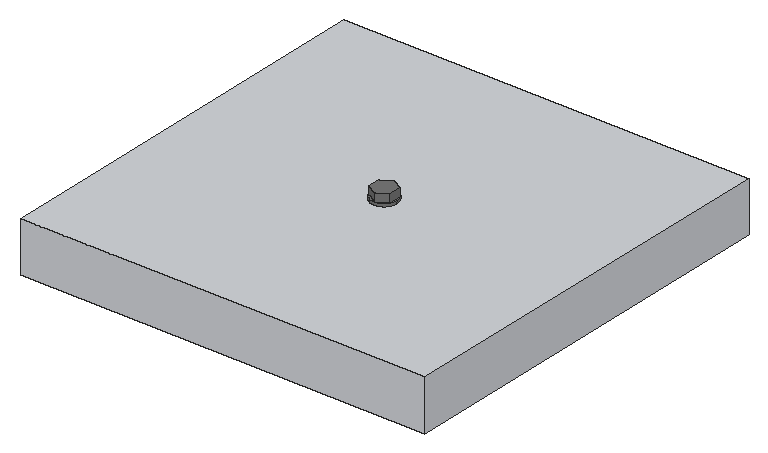
Revit family "Bolt l Type", category Modelos genéricos, Revit 2025 (continued)
Definition of nested family "Rod with Detail free"
  Definition of nested family "Rod Part"
    Automatic sketch dimensions
      profile plane to SweptBlend 55 sketch curve = 9 mm
      profile plane to SweptBlend 55 sketch curve = 0 mm
      profile plane to SweptBlend 55 sketch curve = 9.75 mm
      profile plane to SweptBlend 54 sketch curve = 0 mm
      SweptBlend 54 sketch curve to profile plane = 1.299 mm  (x2)
      profile plane to SweptBlend 54 sketch curve = 12 mm
      SweptBlend 54 sketch curve to profile plane = 0 mm
      plane 1 "Center (Front/Back)" to SweptBlend 2 sketch curve = 0 mm
      SweptBlend 2 sketch curve to plane 5 = 0 mm
      plane 1 "Center (Front/Back)" to SweptBlend 4 sketch curve = 0 mm
      SweptBlend 4 sketch curve to plane 5 = 0 mm
Definition of nested family "Bolt Head with Washer free"
  Parameters (values of type "Bolt Head with Washer free")
    Nominal Ø [instance] = 16 mm
    Material [instance] = none
    Default Elevation = 1219.2 mm
  Reference planes
    plane 1 "Center (Front/Back)": y = 0
    plane 2: z = 0
    plane 3 "Center (Left/Right)": x = 0
  Forms (mm)
    Extrusion 1, solid
      sketch origin (0, 0, 0) x (1, 0, 0) y (0, 1, 0)
        loop
          line (-1219.2, 1219.2) -> (-1219.2, -1219.2) -> (1219.2, -1219.2) -> (1219.2, 1219.2) -> (-1219.2, 1219.2)
      from 0 to -304.8
  Dimensions and locks
    aligned and locked: plane 2 to Extrusion 1
    aligned and locked: level to Extrusion 1
    aligned and locked: plane 3 "Center (Left/Right)" to nested 1
    aligned and locked: plane 1 "Center (Front/Back)" to nested 1
    aligned and locked: nested 2 to plane 1 "Center (Front/Back)"
    aligned and locked: plane 3 "Center (Left/Right)" to nested 2
  Nested families
    nested 1: "Washer free" at (0, 0, 0), Nominal Ø <- "Nominal Ø", Material <- "Material", type "Washer free"
      with Thickness 3.2 mm, Outer Ø 32 mm, Nominal Ø 16 mm, Material none, Hole Ø 17.6 mm
    nested 2: "Bold Head free" at (0, 0, 3.2) x (0, 1, 0) z (0, 0, 1), Nominal Ø <- "Nominal Ø", Material <- "Material", type "Bold Head free"
      with Thickness 10.4 mm, Nominal Ø 16 mm, Material none, Across Flat 26.4 mm, Across Corner 26.4 mm, AC1 30.4 mm
  Definition of nested family "Washer free"
    Parameters (values of type "Washer free")
      Thickness [instance] = Nominal Ø * 0.2  # 3.2 mm
      Outer Ø [instance] = Nominal Ø * 2  # 32 mm
      Nominal Ø [instance] = 16 mm
      Material [instance] = none
      Lookup Table Name = "Washer"
      Hole Ø [instance] = Nominal Ø * 1.1  # 17.6 mm
      Default Elevation = 1219.2 mm
    Reference planes
      plane 1 "Center (Front/Back)": y = 0
      plane 2: z = 0
      plane 3 "Center (Left/Right)": x = 0
      plane 4: z = 3.2
    Forms (mm)
      Extrusion 1, solid
        sketch origin (0, 0, 0) x (1, 0, 0) y (0, 1, 0)
          loop
            line (-1219.2, 1219.2) -> (-1219.2, -1219.2) -> (1219.2, -1219.2) -> (1219.2, 1219.2) -> (-1219.2, 1219.2)
        from 0 to -304.8
      Extrusion 2, solid, material <- "Material"
        sketch origin (0, 0, 0) x (1, 0, 0) y (0, 1, 0)
          loop
            circle (0, 0) r 16
          loop
            circle (0, 0) r 8.8
        from 0 to 3.2
    Dimensions and locks
      "Thickness": plane 4 to plane 2
      "Outer Ø": diameter of Extrusion 2 sketch curve
      "Hole Ø": diameter of Extrusion 2 sketch curve
      aligned and locked: plane 2 to Extrusion 1
      aligned and locked: level to Extrusion 1
      aligned and locked: plane 1 "Center (Front/Back)" to Extrusion 2 sketch curve  (x2)
      aligned and locked: plane 3 "Center (Left/Right)" to Extrusion 2 sketch curve  (x2)
      aligned and locked: plane 4 to Extrusion 2
    Automatic sketch dimensions
      Extrusion 1 sketch curve to Extrusion 1 sketch curve = 2438.4 mm  (x2)
  Definition of nested family "Bold Head free"
    Parameters (values of type "Bold Head free")
      Thickness [instance] = Nominal Ø * 0.65  # 10.4 mm
      Nominal Ø [instance] = 16 mm
      Material [instance] = none
      Lookup Table Name = "Bolt Head & Nut"
      Default Elevation = 1219.2 mm
      Across Flat [instance] = Nominal Ø * 1.65  # 26.4 mm
      Across Corner [instance] = Nominal Ø * 1.65  # 26.4 mm
      AC1 [instance] = 30.4 mm
    Reference planes
      plane 1 "Center (Front/Back)": y = 0
      plane 2: z = 0
      plane 3 "Center (Left/Right)": x = 0
      plane 4: y = 13.2
      plane 5: y = -13.2
      plane 6: z = 10.4
    Forms (mm)
      Extrusion 1, solid
        sketch origin (0, 0, 0) x (1, 0, 0) y (0, 1, 0)
          loop
            line (-1219.2, 1219.2) -> (-1219.2, -1219.2) -> (1219.2, -1219.2) -> (1219.2, 1219.2) -> (-1219.2, 1219.2)
        from 0 to -304.8
      Extrusion 2, solid, material <- "Material"
        sketch origin (0, 0, 0) x (1, 0, 0) y (0, 1, 0)
          loop
            line (-7.621, 13.2) -> (-15.242, 0) -> (-7.621, -13.2) -> (7.621, -13.2) -> (15.242, 0) -> (7.621, 13.2) -> (-7.621, 13.2)
        from 0 to 10.4
    Dimensions and locks
      equal spacing: plane 4, plane 1 "Center (Front/Back)", plane 5
      "Across Flat": plane 4 to plane 5
      equal spacing: Extrusion 2 sketch curve, plane 3 "Center (Left/Right)", Extrusion 2 sketch curve  (x2)
      "Across Flat": Extrusion 2 sketch curve to Extrusion 2 sketch curve  (x2)
      "Thickness": plane 6 to plane 2
      angle Extrusion 2 sketch curve to Extrusion 2 sketch curve = 120.00°  (x3)
      aligned and locked: plane 2 to Extrusion 1
      aligned and locked: level to Extrusion 1
      aligned and locked: plane 4 to Extrusion 2 sketch curve
      aligned and locked: Extrusion 2 sketch curve to plane 5
      aligned and locked: plane 6 to Extrusion 2
    Automatic sketch dimensions
      Extrusion 1 sketch curve to Extrusion 1 sketch curve = 2438.4 mm  (x2)
Definition of nested family "Bolt Head Nut with Washer free"
  Parameters (values of type "Bolt Head Nut with Washer free")
    Nominal Ø [instance] = 16 mm
    Material [instance] = none
    Default Elevation = 1219.2 mm
  Reference planes
    plane 1 "Center (Front/Back)": y = 0
    plane 2: z = 0
    plane 3 "Center (Left/Right)": x = 0
  Forms (mm)
    Extrusion 1, solid
      sketch origin (0, 0, 0) x (1, 0, 0) y (0, 1, 0)
        loop
          line (-1219.2, 1219.2) -> (-1219.2, -1219.2) -> (1219.2, -1219.2) -> (1219.2, 1219.2) -> (-1219.2, 1219.2)
      from 0 to -304.8
  Dimensions and locks
    aligned and locked: plane 2 to Extrusion 1
    aligned and locked: level to Extrusion 1
    aligned and locked: nested 1 to plane 1 "Center (Front/Back)"
    aligned and locked: plane 3 "Center (Left/Right)" to nested 1
    aligned and locked: plane 3 "Center (Left/Right)" to nested 2
    aligned and locked: plane 1 "Center (Front/Back)" to nested 2
  Nested families
    nested 1: "Bold Nut free" at (0, 0, 3) x (0, 1, 0) z (0, 0, 1), Nominal Ø <- "Nominal Ø", Material <- "Material", type "Bold Nut free"
      with Thickness 10.4 mm, Nominal Ø 16 mm, Material none, Across Flat 26.4 mm, Across Corner 26.4 mm, AC1 30.36 mm
    nested 2: "Washer free" at (0, 0, 0), Nominal Ø <- "Nominal Ø", Material <- "Material", type "Washer free"
      with Thickness 3.2 mm, Outer Ø 32 mm, Nominal Ø 16 mm, Material none, Hole Ø 17.6 mm
  Definition of nested family "Bold Nut free"
    Parameters (values of type "Bold Nut free")
      Thickness [instance] = Nominal Ø * 0.65  # 10.4 mm
      Nominal Ø [instance] = 16 mm
      Material [instance] = none
      Default Elevation = 1219.2 mm
      Across Flat [instance] = Nominal Ø * 1.65  # 26.4 mm
      Across Corner [instance] = Nominal Ø * 1.65  # 26.4 mm
      AC1 [instance] = Across Corner * 1.15  # 30.36 mm
    Reference planes
      plane 1 "Center (Front/Back)": y = 0
      plane 2: z = 0
      plane 3 "Center (Left/Right)": x = 0
      plane 4: y = 13.2
      plane 5: y = -13.2
      plane 6: z = 10.4
    Forms (mm)
      Extrusion 1, solid
        sketch origin (0, 0, 0) x (1, 0, 0) y (0, 1, 0)
          loop
            line (-1219.2, 1219.2) -> (-1219.2, -1219.2) -> (1219.2, -1219.2) -> (1219.2, 1219.2) -> (-1219.2, 1219.2)
        from 0 to -304.8
      Extrusion 2, solid, material <- "Material"
        sketch origin (0, 0, 0) x (1, 0, 0) y (0, 1, 0)
          loop
            line (-7.621, 13.2) -> (-15.242, 0) -> (-7.621, -13.2) -> (7.621, -13.2) -> (15.242, 0) -> (7.621, 13.2) -> (-7.621, 13.2)
          loop
            circle (0, 0) r 8
        from 0 to 10.4
    Dimensions and locks
      equal spacing: plane 4, plane 1 "Center (Front/Back)", plane 5
      "Across Flat": plane 4 to plane 5
      equal spacing: Extrusion 2 sketch curve, plane 3 "Center (Left/Right)", Extrusion 2 sketch curve  (x2)
      "Across Flat": Extrusion 2 sketch curve to Extrusion 2 sketch curve  (x2)
      "Thickness": plane 6 to plane 2
      "Nominal Ø": diameter of Extrusion 2 sketch curve
      angle Extrusion 2 sketch curve to Extrusion 2 sketch curve = 120.00°  (x3)
      aligned and locked: plane 2 to Extrusion 1
      aligned and locked: level to Extrusion 1
      aligned and locked: plane 4 to Extrusion 2 sketch curve
      aligned and locked: Extrusion 2 sketch curve to plane 5
      aligned and locked: plane 6 to Extrusion 2
      aligned and locked: plane 3 "Center (Left/Right)" to Extrusion 2 sketch curve
      aligned and locked: plane 1 "Center (Front/Back)" to Extrusion 2 sketch curve
    Automatic sketch dimensions
      Extrusion 1 sketch curve to Extrusion 1 sketch curve = 2438.4 mm  (x2)
  Definition of nested family "Washer free"
    Parameters (values of type "Washer free")
      Thickness [instance] = Nominal Ø * 0.2  # 3.2 mm
      Outer Ø [instance] = Nominal Ø * 2  # 32 mm
      Nominal Ø [instance] = 16 mm
      Material [instance] = none
      Lookup Table Name = "Washer"
      Hole Ø [instance] = Nominal Ø * 1.1  # 17.6 mm
      Default Elevation = 1219.2 mm
    Reference planes
      plane 1 "Center (Front/Back)": y = 0
      plane 2: z = 0
      plane 3 "Center (Left/Right)": x = 0
      plane 4: z = 3.2
    Forms (mm)
      Extrusion 1, solid
        sketch origin (0, 0, 0) x (1, 0, 0) y (0, 1, 0)
          loop
            line (-1219.2, 1219.2) -> (-1219.2, -1219.2) -> (1219.2, -1219.2) -> (1219.2, 1219.2) -> (-1219.2, 1219.2)
        from 0 to -304.8
      Extrusion 2, solid, material <- "Material"
        sketch origin (0, 0, 0) x (1, 0, 0) y (0, 1, 0)
          loop
            circle (0, 0) r 16
          loop
            circle (0, 0) r 8.8
        from 0 to 3.2
    Dimensions and locks
      "Thickness": plane 4 to plane 2
      "Outer Ø": diameter of Extrusion 2 sketch curve
      "Hole Ø": diameter of Extrusion 2 sketch curve
      aligned and locked: plane 2 to Extrusion 1
      aligned and locked: level to Extrusion 1
      aligned and locked: plane 1 "Center (Front/Back)" to Extrusion 2 sketch curve  (x2)
      aligned and locked: plane 3 "Center (Left/Right)" to Extrusion 2 sketch curve  (x2)
      aligned and locked: plane 4 to Extrusion 2
    Automatic sketch dimensions
      Extrusion 1 sketch curve to Extrusion 1 sketch curve = 2438.4 mm  (x2)
Types (5, lengths in mm): name | Ø | b | L | 10. SISTEMA | 06. DESCRIPCION | 03. CODIGO DE ELEMENTO | 02. ELEMENTO
  Perno de Ø3" | 76.2 | 100 | 74 | "ESTRUCTURAS" | "1 Tuerca de Acero Ø3\" para Unión y Fijación de Elementos Metálicos" | "MET-ARR-TUE-03" | "Tuerca de Acero Ø3\""
  Perno de Ø1" | 25.4 | 50 | 38 | "ESTRUCTURAS" | "8 Pernos Hexagonales de Acero Ø1\" para Unión de Elementos Metálicos ASTM A-325" | "MET-ARR-TUE-02" | "Perno Hexagonal Ø1\""
  Perno de Ø1/2" II | 12.7 | 20 | 6 | "" | "" | "" | ""
  Perno de Ø1/2" | 12.7 | 20 | 12 | "ESTRUCTURAS" | "2 Pernos Hexagonales de Acero Ø1/2\" para Unión de Elementos Metálicos ASTM A-325" | "MET-ARR-TUE-01" | "Perno Hexagonal Ø1/2\""
  Perno de Ø1" II | 25.4 | 50 | 74 | "ESTRUCTURAS" | "1 Perno Hexagonal de Acero Ø1\" para soporte de Tensor ASTM A-325" | "MET-ARR-TUE-03" | "Perno Hexagonal Ø1\""
